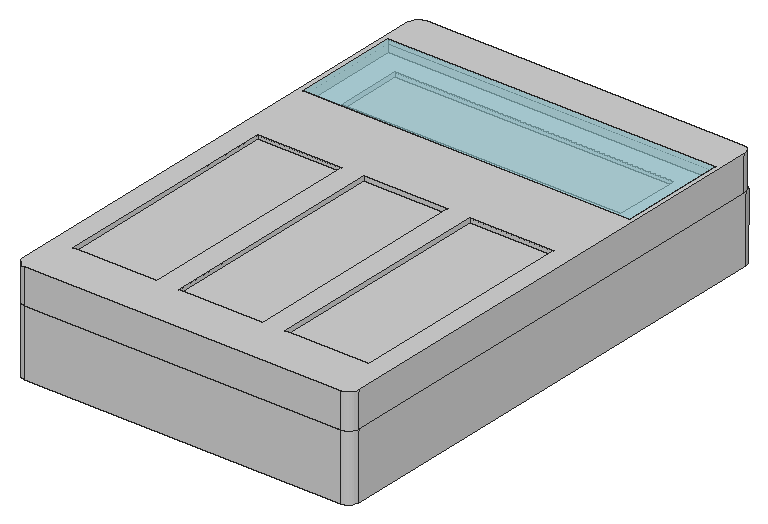
Revit family "Building-IEC309Boards-GEWISS-68QDIN-DISTRIBUTION-BOARD-14MOD_3SOCKET-OUTLETS_IB_VERT", category Apparecchi elettrici, host Superficie, Revit 2019
Family settings
  Host = Superficie
  Mantenere orientamento annotazione = Sì
  Quota connettore circolare = Usa diametro
  Tipo di parte = Normale
  Taglio con vuoti quando caricato = No
  Condiviso = No
  Punto di calcolo locali = Sì
Parameters (values of type "GW68010N - Q-DIN 14M 3 FLANGES S.O.BL.VR.SBF IP65")
  visibilita posizionamento 2d [instance] = yes
  simbolo 2d [instance] = yes
  oggetto in pianta [instance] = not(visibilita posizionamento 2d)  # no
  distanza_simbolo [instance] = 0.1 mm
  bordo acceso [instance] = yes
  Working temperature = "-25 ÷ +40 °C"
  Visibilità sportello [instance] = yes
  Version type = "Empty"
  Version file RFA = "21.5"
  VETRO = Vetro
  URL = "https://www.gewiss.com/ww/en"
  Thermo-pressure with ball = "70 °C"
  Technical sheet = "https://www.gewiss.com/ww/en/search?q=GW68010N"
  Spostamento_effettivo_S [instance] = 4000 mm - Spostamento_S  # 3000 mm
  Spostamento_S = 1000 mm
  Simbolo_quadro [instance] = not(simbolo 2d)  # no
  Shock resistance = "IK08"
  STRUTTURA ALTA = Poche
  STRUTTURA = RAL - 7035
  SEO = "Board"
  Realized by GEWISS S.p.A. = ""
  Default Elevation = 1219.2 mm
  Produttore = "GEWISS S.p.A."
  PRESA = rosso
  POMELLO = bianco
  Operating temperature: = "-25 +40 °C"
  No. of provided blank lids = "1 IB 16/32A"
  No. of modules EN 50022 = "14"
  No. of blank lids supplied = "1 IB 16/32A"
  No. IB socket-outlets houseable = "3 IB Vert. 16/32A IP67"
  N_Moduli = 14 mm
  Modello = "GW68010N"
  L_Moduli = N_Moduli * 19  # 266 mm
  Insulation class = "II"
  Installation type = "Surface-mounting"
  Immagine tipo = GW68010N.jpg
  IP degree = "IP65"
  IDT = "b7fa234f-6082-4e77-ab12-b88f512de078"
  IDF = "a79db918-e74e-4eae-8f25-ec0c9aa4b606"
  Houseable socket = "3 IB Vert. 16/32A IP67"
  Houseable interloc. socket. = "3 IB Vert. 16/32A IP67"
  Glow Wire Test = "650°C"
  Electrocod = "2242"
  EAN code = "8011564744813"
  Dispersible power B (W) = "64"
  Dispersible power A (W) = "24"
  Descrizione = "Q-DIN 14M 3 FLANGES S.O.BL.VR.SBF IP65"
  Colour = "Grey RAL 7035"
  Catalogue Range = "68 QDIN"
  Catalogue = "BUILDING"
  COBie.Tagnumber = ""
  COBie.CreatedOn = ""
  COBie.CreatebBy = ""
  COBie.ComponentRegisterItemID = ""
  COBie.Component.TagNumber = ""
  COBie.Component.Space = ""
  COBie.Component.SerialNumber = ""
  COBie.Component.InstallationDate = ""
  COBie.Component.Description = ""
  COBie.Component.BarCode = ""
  Accordance with Standards = "EN 60208 - EN 60670-1 - IEC 60670-24"
Reference planes
  plane 1 "Centro (Fronte/Retro)": y = 0
  plane 2: z = 0
  plane 3 "Centro (Sinistra/Destra)": x = 0
  plane 4: x = -3000
  plane 5: x = 0
Forms (mm)
  Extrusion 1, solid, detail levels coarse
    sketch origin (0, 0, 0) x (1, 0, 0) y (0, 1, 0)
      loop
        line (-160, 478) -> (-160, 0) -> (160, 0) -> (160, 478) -> (-160, 478)
    from 0 to 96
Lines and regions (mm)
  Masking region 1, visible <- "visibilita posizionamento 2d"
    outline origin (0, 0, 0) x (1, 0, 0) y (0, 0, 1)
      loop
        line (-160, 0) -> (160, 0) -> (160, 96) -> (-160, 96) -> (-160, 0)
Dimensions and locks
  plane 4 to plane 3 "Centro (Sinistra/Destra)" = 3000 mm
  "Spostamento_effettivo_S": plane 4 to plane 5
  aligned and locked: plane 2 to host face
  aligned and locked: level to host face
  aligned and locked: nested 1 to plane 5
  aligned and locked: nested 3 to plane 5
  aligned and locked: nested 2 to plane 5
  aligned and locked: Extrusion 1 sketch curve to nested 2  (x2)
  aligned and locked: nested 2 to Extrusion 1 sketch curve
  aligned and locked: plane 1 "Centro (Fronte/Retro)" to nested 2
  aligned and locked: Extrusion 1 to nested 2
Automatic sketch dimensions
  host sketch curve to host sketch curve = 2438.4 mm  (x2)
  Masking region 1 sketch curve to level = 0 mm
  Masking region 1 sketch curve to plane 3 "Centro (Sinistra/Destra)" = 160 mm
  plane 3 "Centro (Sinistra/Destra)" to Masking region 1 sketch curve = 160 mm
  Masking region 1 sketch curve to Masking region 1 sketch curve = 96 mm
  plane 1 "Centro (Fronte/Retro)" to Extrusion 1 sketch curve = 0 mm
Nested families
  nested 1: "CENTRALINO" at (0, 737.795, 0), BORDO ACCESO <- "bordo acceso", SIMBOLO ACCESO <- "simbolo 2d", Distanza dal muro <- "distanza_simbolo", visible <- "simbolo 2d", type "CENTRALINO"
    with SIMBOLO ACCESO yes, Distanza dal muro 0.1 mm, BORDO ACCESO yes
  nested 2: "68QDIN14 QUADRO DISTRIBUZ X 3 PRESE IND VERT_BASE" at (0, 316, 0), Visibilita sportello <- "Visibilità sportello", type "68QDIN14 QUADRO DISTRIBUZ X 3 PRESE IND VERT_BASE", detail levels medium+fine
  nested 3: "simb_CENTRALINO_BASE_cad pro" at (0, 737.795, 0), Distanza dal muro <- "distanza_simbolo", visible <- "Simbolo_quadro", SIMBOLO ACCESO <- "Simbolo_quadro", type "simb_CENTRALINO_BASE_cad pro"
    with SIMBOLO ACCESO no, Distanza dal muro 0.1 mm, BORDO ACCESO yes
Definition of nested family "68QDIN14 QUADRO DISTRIBUZ X 3 PRESE IND VERT_BASE"
  Parameters (values of type "68QDIN14 QUADRO DISTRIBUZ X 3 PRESE IND VERT_BASE")
    n_moduli = 105 mm
    h_moduli = 64 mm
    Visibilita sportello [instance] = yes
    Vetro = none
    Struttura = none
    Spessore = 96 mm
    Default Elevation = 14 mm
    Presa = none
    Larghezza = 320 mm
    IFC.TypeObject = ""
    IFC.ExportType = ""
    IFC.ExportAs = ""
    H_da terra = 589.057 mm
    COBie.CreatedOn = ""
    COBie.CreatebBy = ""
    COBie.ComponentRegisterItemID = ""
    COBie.Component.TagNumber = ""
    COBie.Component.Space = ""
    COBie.Component.SerialNumber = ""
    COBie.Component.InstallationDate = ""
    COBie.Component.Description = ""
    COBie.Component.BarCode = ""
    Altezza scatole = 350 mm
    Altezza quadro = 150 mm
    Altezza = 258 mm
  Reference planes
    plane 1 "Centro (Fronte/Retro)": y = 0
    plane 2: z = 0
    plane 3 "Centro (Sinistra/Destra)": x = 0
    plane 4: z = 69.589
    plane 5: z = 115.626
    plane 6: z = 63
    plane 7: x = -160
    plane 8: x = 160
    plane 9: x = -156
    plane 10: x = 156
    plane 11: y = 123.21
    plane 12: y = 21.246
    plane 13: y = 0
    plane 14: y = -271
    plane 15: y = -51
    plane 16: y = -316
    plane 17: y = 162
    plane 18: z = 58
    plane 19: y = 103
    plane 20: y = 39
    plane 21: x = -52.5
    plane 22: x = 52.5
    plane 23: z = 92.059
    plane 24: z = 96
    plane 25 "posizionamento moduli": z = 84.734
    plane 26: z = 80.558
    plane 27: y = 71
    plane 28: x = -141
    plane 29: x = 158.1
    plane 30: x = -61
    plane 31: x = -40
    plane 32: x = 40
    plane 33: x = 61
    plane 34: x = 141
  Forms (mm)
    Extrusion 1, solid, material <- "Struttura"
      sketch origin (0, -857.311, 0) x (1, 0, 0) y (0, 1, 0)
        loop
          arc (-150, 1019.311) -> (-157.071, 1016.382) -> (-160, 1009.311) r 10
          line (-160, 1009.311) -> (-160, 551.311)
          arc (-160, 551.311) -> (-157.071, 544.24) -> (-150, 541.311) r 10
          line (-150, 541.311) -> (150, 541.311)
          arc (150, 541.311) -> (157.071, 544.24) -> (160, 551.311) r 10
          line (160, 551.311) -> (160, 1009.311)
          arc (160, 1009.311) -> (157.071, 1016.382) -> (150, 1019.311) r 10
          line (150, 1019.311) -> (-150, 1019.311)
      from 63 to 96
    Extrusion 2, solid, material <- "Struttura"
      sketch origin (0, -857.311, 0) x (1, 0, 0) y (0, 1, 0)
        loop
          line (152.45, 1019.311) -> (-156.38, 1019.311)
          arc (-156.38, 1019.311) -> (-158.94, 1018.251) -> (-160, 1015.691) r 3.62
          line (-160, 1015.691) -> (-160, 551.311)
          arc (-160, 551.311) -> (-157.071, 544.24) -> (-150, 541.311) r 10
          line (-150, 541.311) -> (150, 541.311)
          arc (150, 541.311) -> (157.071, 544.24) -> (160, 551.311) r 10
          line (160, 551.311) -> (160, 1011.76)
          arc (160, 1011.76) -> (157.789, 1017.099) -> (152.45, 1019.311) r 7.55
      from 0 to 63
    Extrusion 3, void
      sketch origin (0, -857.311, 0) x (1, 0, 0) y (0, 1, 0)
        loop
          line (-156, 980.52) -> (-156, 878.557) -> (156, 878.557) -> (156, 980.52) -> (-156, 980.52)
      from 69.589 to 96
    Extrusion 4, solid, material <- "Vetro", visible <- "Visibilita sportello", detail levels fine
      sketch origin (0, -857.311, 0) x (1, 0, 0) y (0, 1, 0)
        loop
          line (-156, 980.52) -> (-156, 878.557) -> (156, 878.557) -> (156, 980.52) -> (-156, 980.52)
      from 92.059 to 96
    Extrusion 5, void
      sketch origin (0, 0, 0) x (1, 0, 0) y (0, 1, 0)
        loop
          line (-52.5, 39) -> (52.5, 39) -> (52.5, 103) -> (-52.5, 103) -> (-52.5, 39)
      from 80.558 to 84.734
    Extrusion 6, solid
      sketch origin (0, 0, 0) x (1, 0, 0) y (0, 1, 0)
        loop
          line (-156, 123.21) -> (-156, 21.246) -> (156, 21.246) -> (156, 123.21) -> (-156, 123.21)
      from 80.558 to 84.734
    Extrusion 7, void
      sketch origin (0, 0, 84.734) x (0, -1, 0) y (1, 0, 0)
        loop
          line (51, -141) -> (271, -141) -> (271, -61) -> (51, -61) -> (51, -141)
        loop
          line (271, -40) -> (271, 40) -> (51, 40) -> (51, -40) -> (271, -40)
        loop
          line (51, 61) -> (271, 61) -> (271, 141) -> (51, 141) -> (51, 61)
      from 7.325 to 11.266
  Cuts and joins
    Extrusion 3, Extrusion 7 cuts Extrusion 1
    Extrusion 5 cuts Extrusion 6
    Extrusion 5 cuts Extrusion 4
  Lines and regions (mm)
    model lines
      curve 1: line (-52.5, 71, 84.734) -> (52.5, 71, 84.734)
  Dimensions and locks
    plane 4 to plane 5 = 46.036 mm
    locked: plane 7 to plane 9 at 4
    locked: plane 10 to plane 8 at 4
    equal spacing: plane 7, plane 3 "Centro (Sinistra/Destra)", plane 8
    "Larghezza": plane 7 to plane 8
    plane 13 to plane 15 = 51 mm
    plane 1 "Centro (Fronte/Retro)" to plane 17 = 162 mm
    plane 16 to plane 13 = 316 mm
    plane 12 to plane 1 "Centro (Fronte/Retro)" = 21.246 mm
    plane 11 to plane 17 = 38.79 mm
    locked: plane 6 to plane 18 at 5
    locked: plane 17 to plane 19 at 59
    "h_moduli": plane 19 to plane 20
    equal spacing: plane 21, plane 3 "Centro (Sinistra/Destra)", plane 22
    "n_moduli": plane 21 to plane 22
    locked: plane 24 to plane 23 at 3.941
    plane 6 to plane 2 = 63 mm
    locked: plane 23 to plane 25 "posizionamento moduli" at 7.325
    locked: plane 25 "posizionamento moduli" to plane 26 at 4.176
    equal spacing: plane 19, plane 27, plane 20
    locked: plane 29 to plane 8 at 1.9
    plane 28 to plane 30 = 80 mm  (x2)
    plane 30 to plane 31 = 21 mm
    plane 33 to plane 34 = 80 mm
    equal spacing: plane 31, plane 3 "Centro (Sinistra/Destra)", plane 32
    plane 31 to plane 3 "Centro (Sinistra/Destra)" = 40 mm
    plane 32 to plane 33 = 21 mm
    plane 15 to plane 14 = 220 mm
    radius of Extrusion 2 sketch curve = 10 mm  (x2)
    radius of Extrusion 2 sketch curve = 3.62 mm
    radius of Extrusion 2 sketch curve = 7.55 mm
    radius of Extrusion 1 sketch curve = 10 mm  (x4)
    aligned and locked: level to plane 2
    aligned and locked: cut or joined group of Extrusion 1, Extrusion 3, Extrusion 7 to plane 4
    aligned and locked: plane 7 to Extrusion 2 sketch curve
    aligned and locked: plane 8 to Extrusion 2 sketch curve
    aligned and locked: plane 8 to Extrusion 1 sketch curve
    aligned and locked: plane 7 to Extrusion 1 sketch curve
    aligned and locked: Extrusion 4 sketch curve to plane 9
    aligned and locked: Extrusion 4 sketch curve to plane 10
    aligned and locked: Extrusion 3 sketch curve to plane 9
    aligned and locked: Extrusion 3 sketch curve to plane 10
    aligned and locked: Extrusion 4 sketch curve to plane 11
    aligned and locked: Extrusion 4 sketch curve to plane 12
    aligned and locked: Extrusion 3 sketch curve to plane 11
    aligned and locked: Extrusion 3 sketch curve to plane 12
    aligned and locked: plane 16 to Extrusion 2 sketch curve
    aligned and locked: plane 1 "Centro (Fronte/Retro)" to plane 13
    aligned and locked: plane 17 to Extrusion 1 sketch curve
    aligned and locked: Extrusion 5 sketch curve to plane 21
    aligned and locked: Extrusion 5 sketch curve to plane 19
    aligned and locked: Extrusion 5 sketch curve to plane 20
    aligned and locked: Extrusion 5 sketch curve to plane 22
    aligned and locked: plane 25 "posizionamento moduli" to Extrusion 5
    aligned and locked: Extrusion 5 to plane 26
    aligned and locked: Extrusion 6 sketch curve to plane 11
    aligned and locked: Extrusion 6 sketch curve to plane 12
    aligned and locked: Extrusion 6 to plane 26
    aligned and locked: plane 25 "posizionamento moduli" to Extrusion 6
    aligned and locked: Extrusion 6 sketch curve to Extrusion 4  (x2)
    aligned and locked: plane 27 to curve 1
    aligned and locked: plane 16 to Extrusion 1 sketch curve
    aligned and locked: Extrusion 2 sketch curve to plane 17
    aligned and locked: Extrusion 7 sketch curve to plane 15
    aligned and locked: Extrusion 7 sketch curve to plane 28
    aligned and locked: Extrusion 7 sketch curve to plane 30
    aligned and locked: Extrusion 7 sketch curve to plane 31
    aligned and locked: Extrusion 7 sketch curve to plane 32
    aligned and locked: Extrusion 7 sketch curve to plane 33
    aligned and locked: Extrusion 7 sketch curve to plane 34
    aligned and locked: Extrusion 1 to Extrusion 7
    aligned and locked: Extrusion 7 to plane 23
    aligned and locked: Extrusion 7 sketch curve to plane 14  (x3)
  Automatic sketch dimensions
    curve 1 to plane 21 = 0 mm
    curve 1 to plane 22 = 0 mm
    plane 15 to Extrusion 7 sketch curve = 0 mm
    Extrusion 7 sketch curve to plane 15 = 0 mm
Definition of nested family "CENTRALINO"
  Parameters (values of type "CENTRALINO")
    SIMBOLO ACCESO [instance] = yes
    Distanza dal muro [instance] = 0 mm
    BORDO ACCESO [instance] = yes
  Reference planes
    plane 1: y = 0
    plane 2: x = 0
  Dimensions and locks
    "Distanza dal muro": plane 1 to nested 1
    aligned and locked: plane 2 to nested 1
  Nested families
    nested 1: "CENTRALINO_BASE" at (0, 0, 0), BORDO ACCESO <- "BORDO ACCESO", visible <- "SIMBOLO ACCESO", type "CENTRALINO"
      with BORDO ACCESO yes
  Definition of nested family "CENTRALINO_BASE"
    Parameters (values of type "CENTRALINO")
      Distanza dal muro = 0 mm
      BORDO ACCESO [instance] = yes
    Reference planes
      plane 1: y = 0
      plane 2: x = 0
    Lines and regions (mm)
      detail lines, visible <- "BORDO ACCESO", not visible
        curve 1: line (-2.443, 10.208, 0) -> (2.057, 10.208, 0)
        curve 2: line (2.057, 10.208, 0) -> (2.057, 4.208, 0)
        curve 3: line (2.057, 4.208, 0) -> (-2.443, 4.208, 0)
        curve 4: line (-2.443, 4.208, 0) -> (-2.443, 10.208, 0)
        curve 5: line (-2.043, 9.808, 0) -> (1.657, 9.808, 0)
        curve 6: line (1.657, 9.808, 0) -> (1.657, 4.608, 0)
        curve 7: line (1.657, 4.608, 0) -> (-2.043, 4.608, 0)
        curve 8: line (-2.043, 4.608, 0) -> (-2.043, 9.808, 0)
      detail lines
        curve 9: line (0, 0.671, 0) -> (0, 0, 0)
        curve 10: line (0.659, 0.671, 0) -> (0.659, 1.33, 0)
        curve 11: line (0.659, 1.33, 0) -> (-0.659, 1.33, 0)
        curve 12: line (-0.659, 1.33, 0) -> (-0.659, 0.671, 0)
        curve 13: line (-0.659, 0.671, 0) -> (0.659, 0.671, 0)
        curve 14: line (0.497, 1.33, 0) -> (0.497, 2, 0)
        curve 15: line (0.167, 1.33, 0) -> (0.167, 2, 0)
        curve 16: line (-0.162, 1.33, 0) -> (-0.162, 2, 0)
        curve 17: line (-0.491, 1.33, 0) -> (-0.491, 2, 0)
Definition of nested family "simb_CENTRALINO_BASE_cad pro"
  Parameters (values of type "simb_CENTRALINO_BASE_cad pro")
    SIMBOLO ACCESO [instance] = yes
    Distanza dal muro [instance] = 0 mm
    BORDO ACCESO [instance] = yes
  Reference planes
    plane 1: y = 0
    plane 2: x = 0
  Dimensions and locks
    "Distanza dal muro": plane 1 to nested 1
    aligned and locked: plane 2 to nested 1
  Nested families
    nested 1: "CENTRALINO_BASE_cad pro" at (0, 0, 0), type "CENTRALINO"
  Definition of nested family "CENTRALINO_BASE_cad pro"
    Parameters (values of type "CENTRALINO")
      Distanza dal muro = 0 mm
    Reference planes
      plane 1: y = 0
      plane 2: x = 0
    Lines and regions (mm)
      detail lines
        curve 1: line (1.33, 1.33, 0) -> (2.109, 1.33, 0)
        curve 2: line (2.109, 1.33, 0) -> (2.109, 0, 0)
        curve 3: line (2.109, 0, 0) -> (1.33, 0, 0)
        curve 4: line (1.33, 0, 0) -> (-1.33, 1.33, 0)
        curve 5: line (-1.33, 1.33, 0) -> (1.33, 1.33, 0)
        curve 6: line (1.33, 1.33, 0) -> (1.33, 0, 0)
        curve 7: line (1.33, 0, 0) -> (-1.33, 0, 0)
        curve 8: line (-1.33, 0, 0) -> (-1.33, 1.33, 0)
        curve 9: line (1.461, 0.665, 0) -> (1.977, 0.665, 0)
        curve 10: line (1.719, 0.665, 0) -> (1.719, 1.01, 0)
        curve 11: arc (1.977, 0.406, 0) -> (1.719, 0.665, 0) -> (1.461, 0.406, 0) r 0.258
